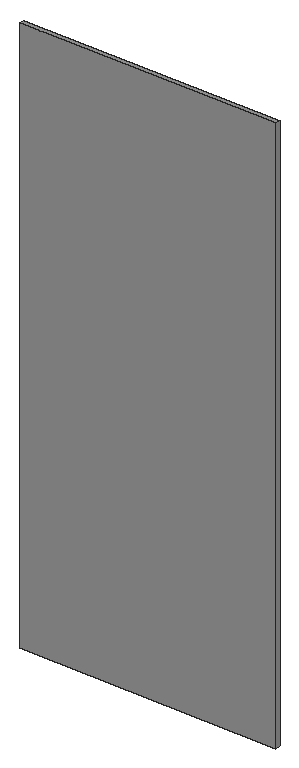
Revit family "pannello", category Generic Models, Revit 2014
Parameters
  Panel material = EA_Microperfored panel
  Lenght = 1600 mm
  Height [instance] = 3500 mm
  Depth = 30 mm
  Default Elevation = 1219.2 mm
Reference planes
  plane 1 "Center (Front/Back)": y = 0
  plane 2: z = 0
  plane 3 "Center (Left/Right)": x = 0
  plane 4: z = 3500
Forms (mm)
  Extrusion 1, solid, material "EA_Microperfored panel" <- "Panel material"
    sketch origin (0, 0, 0) x (1, 0, 0) y (0, 1, 0)
      loop
        line (0, 0) -> (1600, 0) -> (1600, 30) -> (0, 30) -> (0, 0)
    from 0 to 3500
Dimensions and locks
  "Depth": Extrusion 1 sketch curve to Extrusion 1 sketch curve
  "Lenght": Extrusion 1 sketch curve to Extrusion 1 sketch curve
  "Height": plane 4 to plane 2
  aligned and locked: level to plane 2
  aligned and locked: plane 4 to Extrusion 1
  aligned and locked: Extrusion 1 to plane 3 "Center (Left/Right)"
  aligned and locked: plane 1 "Center (Front/Back)" to Extrusion 1
Automatic sketch dimensions
  Extrusion 1 sketch curve to plane 3 "Center (Left/Right)" = 0 mm
  plane 1 "Center (Front/Back)" to Extrusion 1 sketch curve = 0 mm
